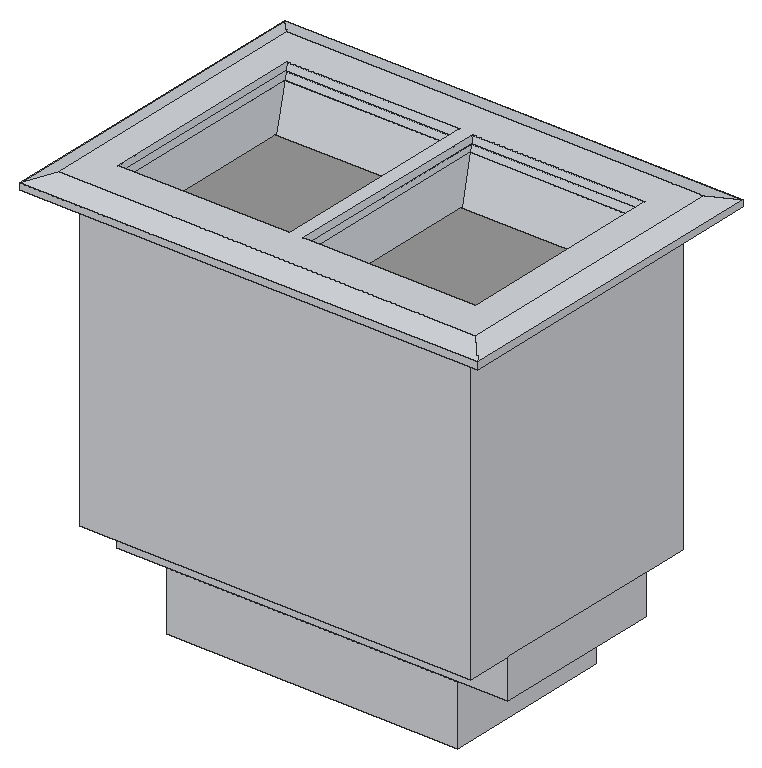
Revit family "2061375 Sylvania Lighting Fixture DOMINO 2xLED 930 BLACK MB TRIM BLACK DALI", category Lighting Fixtures, host Face, Revit 2018
Family settings
  Host = Face
  Round Connector Dimension = Use Diameter
  Part Type = Normal
  OmniClass Number = 23.80.70.00
  OmniClass Title = Lighting
  Cut with Voids When Loaded = No
  Light Source = Yes
  Shared = No
  Room Calculation Point = No
Parameters (values of type "2061375 DOMINO 2XLED 930 BLACK MB TR BLK DALI")
  top top length = 44 mm
  Width = 50 mm
  Weight = "n/a"
  Wattage Comments = ""
  Wattage = 9.2903 W
  WarrantyStartDate [instance] = "n/a"
  WarrantyGuarantorParts = "n/a"
  WarrantyDurationUnit = "n/a"
  WarrantyDurationParts = ""
  WarrantyDescription = "http://www.sylvania-lighting.com"
  built-in parameter 1150110 = 1 (stored number, unit not read)
  Voltage = 0 V
  URL = "0.96"
  TypeName = "DOMINO 2xLED 930 BLACK MB TRIM BLACK DALI"
  Type Image = <None>
  Type Comments = "n/a"
  built-in parameter 1114217 = 1 (stored number, unit not read)
  Top Width = 26 mm
  Tilt Angle = 90.00°
  built-in parameter 1150109 = 1 (stored number, unit not read)
  built-in parameter 1150134 = 3
  built-in parameter 1150113 = 1 (stored number, unit not read)
  SerialNumber [instance] = "n/a"
  Recessed Width = 43 mm
  Recessed Length = 63 mm
  Photometric Web File = "2061375.ies"
  Material_3_FEILO = none
  PowerFactor = 0
  PowerConsumption = "Lighting"
  NominalLength = 50 mm
  NominalHeight = 0 mm
  NominalDepth = 0 mm
  Name = "DOMINO 2xLED 930 BLACK MB TRIM BLACK DALI"
  ModelReference = Name  # "DOMINO 2xLED 930 BLACK MB TRIM BLACK DALI"
  ModelNumber = "2061375"
  Model = Name  # "DOMINO 2xLED 930 BLACK MB TRIM BLACK DALI"
  Material = "Feilo Sylvania"
  ManufacturerName = "54 lm/W"
  Manufacturer = ""
  LuminousEfficacy = ""
  built-in parameter 1150105 = 109.82 (stored number, unit not read)
  Lumens = 1380 lm
  LuminaireType = "0"
  built-in parameter 1150115 = 1 (stored number, unit not read)
  LightOutputRatio = "LED"
  built-in parameter 1150137 = (empty or 0)
  built-in parameter 1150139 = (empty or 0)
  Lens Width = 32 mm
  Lens = Glass, White, High Luminance
  Length = 69 mm
  LampsType = Lamp  # "n/a"
  LampNominalLuminous = "3000 K"
  LampMacAdamStep = "90"
  LampColourTemperature = "LED"
  LampColourRenderingIndex = "16500"
  built-in parameter 1150112 = 1 (stored number, unit not read)
  built-in parameter 1150114 = 1 (stored number, unit not read)
  Lamp = "n/a"
  Keynote = "n/a"
  InstallationDate [instance] = "n/a"
  InputVoltage = "0"
  InputNominalFrequency = "3000"
  built-in parameter 1150132 = (empty or 0)
  built-in parameter 1150102 = (empty or 0)
  built-in parameter 1150107 = 3200 (stored number, unit not read)
  built-in parameter 1150138 = (empty or 0)
  IngressProtection = "IfcLightFixtureType"
  ImpactProtectionIndex = "IfcLightFixtureType"
  built-in parameter 1150106 = 1.0982 (stored number, unit not read)
  IfcExportType = "IfcLightFixtureType"
  IfcExportAs = "Class II"
  Facia internal width = 37 mm
  Facia internal length = 56 mm
  Facia Height = 2 mm
  ExpectedLife = 50000
  Emit from Circle Diameter = 609.6 mm
  Emit Shape Visible in Rendering = no
  ElectricShockClassification = "54"
  built-in parameter 1150104 = 13.8 (stored number, unit not read)
  DurationUnit = "hours"
  DocumentationLiterature = "http://www.sylvania-lighting.com/product/en-int/products/2061375"
  DimmingControlOptions = "n/a"
  Material_2_FEILO = none
  Dimming Lamp Color Temperature Shift = <None>
  Description = "Modular LED recessed linear spotlight, ideal for retail and hospitality applications. Die-cast aluminium body, passive cooling. Two levels of reflector installation, low glaring UGR<16. 2x LED source, 30° beam angle , optics: PMMA lens and polycarbonate reflector combination, Black matt reflector finish. Light color temperature: 3000K warm white, total system power: 6W , total fixture lumen output: 320lm, efficacy: 54 lm/W, Ra90 typical, LED chromacity: 3 step MacAdam ellipse (SDCM3), lifespan: 96,000 hours at 90% of the original output (L90B10), IR/UV free light source without heat radiation, operating voltage: 220-240V / 50-60Hz, electronic driver, ultra low flicker, DALI , electrical protection: Class II. Degree of Protection: IP40/IP20, suitable for indoor environment only. Ceiling cut-out: 43x43mm, outer dimensions:  70x50mm trim frame RAL 9005 - Jet black color.5 years Warranty."
  Default Elevation = 1219.2 mm
  CreatedOn = "10/02/2021"
  CreatedBy = "harvey.smart@sylvania-lighting.com"
  Cost = 0
  Color Filter = 16777215
  built-in parameter 1114216 [instance] = (empty or 0)
  ClassificationValue = "EF_70_80"
  ClassificationName = "Uniclass2015"
  Material_1_FEILO = none
  Body Width = 40 mm
  Body Length = 59 mm
  BarCode [instance] = "n/a"
  built-in parameter 1114218 = 1 (stored number, unit not read)
  built-in parameter 1150133 = 10 (stored number, unit not read)
  AssetType = "Fixed"
  AssetIdentifier [instance] = "n/a"
  Assembly Code = "D5020200"
  Apparent Load = 6 VA
  Material_4_FEILO = none
Reference planes
  plane 1 "Center (Front/Back)": y = 0
  plane 2: z = 0
  plane 3 "Center (Left/Right)": x = 0
  plane 4: z = 0
  plane 5: z = -7
  plane 6: z = -45.895
  plane 7: z = -51.895
  plane 8: z = -60.895
  plane 9: x = -31.5
  plane 10: x = 31.5
  plane 11: y = 21.5
  plane 12: y = -21.5
  plane 13: x = -34.5
  plane 14: x = 34.5
  plane 15: y = 25
  plane 16: y = -25
  plane 17: x = 28
  plane 18: x = -28
  plane 19: y = 18.5
  plane 20: y = -18.5
  plane 21: z = 2
  plane 22: x = -29.5
  plane 23: x = 29.5
  plane 24: y = 20
  plane 25: y = -20
  plane 26: y = 13
  plane 27: y = -13
  plane 28: x = 22
  plane 29: y = 16
  plane 30: y = -16
  plane 31: x = -27
  plane 32: x = -1
  plane 33: x = -26
  plane 34: x = -2
  plane 35: y = 12.5
  plane 36: y = -12.5
  plane 37: x = 27
  plane 38: x = 1
  plane 39: x = 2
  plane 40: x = 26.026
Forms (mm)
  Extrusion 1, solid, not visible, detail levels medium+fine
    sketch origin (4.2, 0, 0) x (1, 0, 0) y (0, 1, 0)
      loop
        line (-29.2, 34.5) -> (-29.2, -34.5) -> (20.8, -34.5) -> (20.8, 34.5) -> (-29.2, 34.5)
    from 0 to 1
  Extrusion 2, solid, not visible, detail levels medium+fine
    sketch origin (4.044, 0, 0) x (1, 0, 0) y (0, 1, 0)
      loop
        line (-29.2, 34.5) -> (-29.2, -34.5) -> (20.8, -34.5) -> (20.8, 34.5) -> (-29.2, 34.5)
    from 0 to 1
  Blend 3, solid, not visible, detail levels medium+fine
    base sketch origin (4.2, 0, 0) x (1, 0, 0) y (0, 1, 0)
      loop
        line (-29.2, 34.5) -> (-29.2, -34.5) -> (20.8, -34.5) -> (20.8, 34.5) -> (-29.2, 34.5)
    top sketch origin (4.2, 0, 0) x (1, 0, 0) y (0, 1, 0)
      loop
        line (-21.7, 28) -> (-21.7, -28) -> (13.3, -28) -> (13.3, 28) -> (-21.7, 28)
    from 1 to 3
  Extrusion 4, solid, not visible, detail levels medium+fine
    sketch origin (3.419, 0, 0) x (1, 0, 0) y (0, 1, 0)
      loop
        line (-29.2, 34.5) -> (-29.2, -34.5) -> (20.8, -34.5) -> (20.8, 34.5) -> (-29.2, 34.5)
    from 0 to 1
  Blend 5, solid, not visible, detail levels medium+fine
    base sketch origin (3.575, 0, 0) x (1, 0, 0) y (0, 1, 0)
      loop
        line (-29.2, 34.5) -> (-29.2, -34.5) -> (20.8, -34.5) -> (20.8, 34.5) -> (-29.2, 34.5)
    top sketch origin (3.575, 0, 0) x (1, 0, 0) y (0, 1, 0)
      loop
        line (-21.7, 28) -> (-21.7, -28) -> (13.3, -28) -> (13.3, 28) -> (-21.7, 28)
    from 1 to 3
  Extrusion 6, solid, not visible, detail levels medium+fine
    sketch origin (4.247, 0, 0) x (1, 0, 0) y (0, 1, 0)
      loop
        line (-29.2, 34.5) -> (-29.2, -34.5) -> (20.8, -34.5) -> (20.8, 34.5) -> (-29.2, 34.5)
    from 0 to 1
  Blend 7, solid, not visible, detail levels medium+fine
    base sketch origin (4.403, 0, 0) x (1, 0, 0) y (0, 1, 0)
      loop
        line (-29.2, 34.5) -> (-29.2, -34.5) -> (20.8, -34.5) -> (20.8, 34.5) -> (-29.2, 34.5)
    top sketch origin (4.403, 0, 0) x (1, 0, 0) y (0, 1, 0)
      loop
        line (-21.7, 28) -> (-21.7, -28) -> (13.3, -28) -> (13.3, 28) -> (-21.7, 28)
    from 1 to 3
  Extrusion 8, void, detail levels medium+fine
    sketch origin (4.2, 0, 0) x (0, 1, 0) y (1, 0, 0)
      loop
        line (21.5, -35.7) -> (21.5, 27.3) -> (-21.5, 27.3) -> (-21.5, -35.7) -> (21.5, -35.7)
    from -9.934 to 83.097
  Extrusion 9, solid, detail levels medium+fine
    sketch origin (4.2, 0, 0) x (1, 0, 0) y (0, 1, 0)
      loop
        line (-38.7, 25) -> (-38.7, -25) -> (30.3, -25) -> (30.3, 25) -> (-38.7, 25)
    from 0 to 1
  Blend 10, solid, detail levels medium+fine
    base sketch origin (4.2, 0, 0) x (1, 0, 0) y (0, 1, 0)
      loop
        line (-38.7, 25) -> (-38.7, -25) -> (30.3, -25) -> (30.3, 25) -> (-38.7, 25)
    top sketch origin (4.2, 0, 0) x (1, 0, 0) y (0, 1, 0)
      loop
        line (-35.7, 21.5) -> (-35.7, -21.5) -> (27.3, -21.5) -> (27.3, 21.5) -> (-35.7, 21.5)
    from 1 to 2
  Extrusion 11, solid, detail levels medium+fine
    sketch origin (4.2, 0, 0) x (1, 0, 0) y (0, 1, 0)
      loop
        line (-33.7, 20) -> (-33.7, -20) -> (25.3, -20) -> (25.3, 20) -> (-33.7, 20)
    from 0 to -45.895
  Extrusion 12, solid, detail levels medium+fine
    sketch origin (4.2, 0, 0) x (1, 0, 0) y (0, 1, 0)
      loop
        line (-33.7, 13) -> (-33.7, -13) -> (25.3, -13) -> (25.3, 13) -> (-33.7, 13)
    from -51.895 to -45.895
  Extrusion 13, solid, detail levels fine
    sketch origin (4.2, 0, 0) x (1, 0, 0) y (0, 1, 0)
      loop
        line (-26.2, 13) -> (-26.2, -13) -> (17.8, -13) -> (17.8, 13) -> (-26.2, 13)
    from -60.895 to -51.895
  Blend 14, void, detail levels medium+fine
    base sketch origin (4.2, 0, 0) x (0, 1, 0) y (-1, 0, 0)
      loop
        line (16, 31.2) -> (-16, 31.2) -> (-16, 5.2) -> (16, 5.2) -> (16, 31.2)
    top sketch origin (4.2, 0, 0) x (0, 1, 0) y (-1, 0, 0)
      loop
        line (12.5, 30.2) -> (-12.5, 30.2) -> (-12.5, 6.2) -> (12.5, 6.2) -> (12.5, 30.2)
    from 2 to -7
  Blend 15, void, detail levels medium+fine
    base sketch origin (4.2, 0, 0) x (0, 1, 0) y (-1, 0, 0)
      loop
        line (16, 3.2) -> (-16, 3.2) -> (-16, -22.8) -> (16, -22.8) -> (16, 3.2)
    top sketch origin (4.2, 0, 0) x (0, 1, 0) y (-1, 0, 0)
      loop
        line (12.5, 2.2) -> (-12.5, 2.2) -> (-12.5, -21.826) -> (12.5, -21.826) -> (12.5, 2.2)
    from 2 to -7
  Extrusion 16, solid, material "Glass, White, High Luminance" <- "Lens", detail levels fine
    sketch origin (0, 1219.2, 38) x (1, 0, 0) y (0, 1, 0)
      loop
        line (-26, -1206.7) -> (-26, -1231.7) -> (-2, -1231.7) -> (-2, -1206.7) -> (-26, -1206.7)
    from -45 to -44
  Extrusion 17, solid, material "Glass, White, High Luminance" <- "Lens", detail levels fine
    sketch origin (4.2, 0, 0) x (1, 0, 0) y (0, 1, 0)
      loop
        line (-2.2, 12.5) -> (-2.2, -12.5) -> (21.826, -12.5) -> (21.826, 12.5) -> (-2.2, 12.5)
    from -7 to -6
  Extrusion 18, solid, detail levels coarse
    sketch origin (0, 1219.2, 38) x (1, 0, 0) y (0, 1, 0)
      loop
        line (34.5, -1194.2) -> (-34.5, -1194.2) -> (-34.5, -1244.2) -> (34.5, -1244.2) -> (34.5, -1194.2)
    from -36 to -98.895
Cuts and joins
  Blend 14, Blend 15 cuts Extrusion 9
  Blend 14, Blend 15 cuts Blend 10
  Blend 14, Blend 15 cuts Extrusion 11
Dimensions and locks
  "Recessed Length": plane 9 to plane 10
  equal spacing: plane 9, plane 3 "Center (Left/Right)", plane 10
  "Length": plane 13 to plane 14
  equal spacing: plane 13, plane 3 "Center (Left/Right)", plane 14
  "Recessed Width": plane 11 to plane 12
  equal spacing: plane 11, plane 1 "Center (Front/Back)", plane 12
  "Width": plane 15 to plane 16
  equal spacing: plane 15, plane 1 "Center (Front/Back)", plane 16
  "Facia internal length": plane 18 to plane 17
  equal spacing: plane 18, plane 3 "Center (Left/Right)", plane 17
  "Facia internal width": plane 19 to plane 20
  equal spacing: plane 19, plane 1 "Center (Front/Back)", plane 20
  "Facia Height": plane 21 to host face
  "Body Length": plane 22 to plane 23
  equal spacing: plane 22, plane 3 "Center (Left/Right)", plane 23
  "Body Width": plane 24 to plane 25
  equal spacing: plane 24, plane 1 "Center (Front/Back)", plane 25
  "Top Width": plane 26 to plane 27
  equal spacing: plane 26, plane 1 "Center (Front/Back)", plane 27
  plane 3 "Center (Left/Right)" to plane 28 = 22 mm
  "Lens Width": plane 29 to plane 30
  equal spacing: plane 29, plane 1 "Center (Front/Back)", plane 30
  aligned and locked: plane 2 to host face
  aligned and locked: level to host face
  aligned and locked: plane 21 to Blend 10
  aligned and locked: Extrusion 9 to Blend 10
  aligned and locked: plane 7 to Extrusion 13
  aligned and locked: Extrusion 12 to plane 7
  aligned and locked: Extrusion 11 to plane 6
  aligned and locked: Blend 14 to plane 5
  aligned and locked: plane 21 to Blend 14
  aligned and locked: Blend 15 to plane 5
  aligned and locked: plane 21 to Blend 15
Automatic sketch dimensions
  host sketch curve to host sketch curve = 2438.4 mm  (x2)
  Extrusion 1 sketch curve to Extrusion 1 sketch curve = 50 mm
  Extrusion 1 sketch curve to Extrusion 1 sketch curve = 69 mm
  Extrusion 2 sketch curve to Extrusion 2 sketch curve = 50 mm
  Extrusion 2 sketch curve to Extrusion 2 sketch curve = 69 mm
  Blend 3 sketch curve to Blend 3 sketch curve = 50 mm
  Blend 3 sketch curve to Blend 3 sketch curve = 69 mm
  Blend 3 sketch curve to Blend 3 sketch curve = 35 mm
  Blend 3 sketch curve to Blend 3 sketch curve = 56 mm
  Extrusion 4 sketch curve to Extrusion 4 sketch curve = 50 mm
  Extrusion 4 sketch curve to Extrusion 4 sketch curve = 69 mm
  Blend 5 sketch curve to Blend 5 sketch curve = 50 mm
  Blend 5 sketch curve to Blend 5 sketch curve = 69 mm
  Blend 5 sketch curve to Blend 5 sketch curve = 35 mm
  Blend 5 sketch curve to Blend 5 sketch curve = 56 mm
  Extrusion 6 sketch curve to Extrusion 6 sketch curve = 50 mm
  Extrusion 6 sketch curve to Extrusion 6 sketch curve = 69 mm
  Blend 7 sketch curve to Blend 7 sketch curve = 50 mm
  Blend 7 sketch curve to Blend 7 sketch curve = 69 mm
  Blend 7 sketch curve to Blend 7 sketch curve = 35 mm
  Blend 7 sketch curve to Blend 7 sketch curve = 56 mm
  Extrusion 8 sketch curve to plane 9 = 0 mm
  Extrusion 8 sketch curve to plane 12 = 0 mm
  Extrusion 8 sketch curve to plane 11 = 0 mm
  Extrusion 8 sketch curve to plane 10 = 0 mm
  Extrusion 9 sketch curve to plane 13 = 0 mm
  Extrusion 9 sketch curve to plane 14 = 0 mm
  Extrusion 9 sketch curve to plane 16 = 0 mm
  Extrusion 9 sketch curve to plane 15 = 0 mm
  Blend 10 sketch curve to plane 13 = 0 mm
  Blend 10 sketch curve to plane 14 = 0 mm
  Blend 10 sketch curve to plane 16 = 0 mm
  Blend 10 sketch curve to plane 15 = 0 mm
  Blend 10 sketch curve to plane 9 = 0 mm
  Blend 10 sketch curve to plane 10 = 0 mm
  Blend 10 sketch curve to plane 12 = 0 mm
  Blend 10 sketch curve to plane 11 = 0 mm
  Extrusion 11 sketch curve to plane 22 = 0 mm
  Extrusion 11 sketch curve to plane 23 = 0 mm
  Extrusion 11 sketch curve to plane 25 = 0 mm
  Extrusion 11 sketch curve to plane 24 = 0 mm
  Extrusion 12 sketch curve to plane 22 = 0 mm
  Extrusion 12 sketch curve to plane 23 = 0 mm
  Extrusion 12 sketch curve to plane 27 = 0 mm
  Extrusion 12 sketch curve to plane 26 = 0 mm
  Extrusion 13 sketch curve to plane 27 = 0 mm
  Extrusion 13 sketch curve to plane 28 = 0 mm
  Extrusion 13 sketch curve to plane 26 = 0 mm
  plane 18 to Extrusion 13 sketch curve = 6 mm
  Blend 14 sketch curve to plane 30 = 0 mm
  Blend 14 sketch curve to plane 29 = 0 mm
  Blend 14 sketch curve to plane 32 = 0 mm
  Blend 14 sketch curve to plane 31 = 0 mm
  Blend 14 sketch curve to plane 33 = 0 mm
  Blend 14 sketch curve to plane 36 = 0 mm
  Blend 14 sketch curve to plane 35 = 0 mm
  Blend 14 sketch curve to plane 34 = 0 mm
  Blend 15 sketch curve to plane 30 = 0 mm
  Blend 15 sketch curve to plane 29 = 0 mm
  Blend 15 sketch curve to plane 37 = 0 mm
  Blend 15 sketch curve to plane 38 = 0 mm
  Blend 15 sketch curve to plane 36 = 0 mm
  Blend 15 sketch curve to plane 35 = 0 mm
  Blend 15 sketch curve to plane 40 = 0 mm
  Blend 15 sketch curve to plane 39 = 0 mm
  plane 31 to Extrusion 16 sketch curve = 1 mm
  Extrusion 16 sketch curve to plane 11 = 9 mm
  Extrusion 16 sketch curve to plane 34 = 0 mm
  plane 1 "Center (Front/Back)" to Extrusion 16 sketch curve = 12.5 mm
  Extrusion 17 sketch curve to plane 36 = 0 mm
  Extrusion 17 sketch curve to plane 39 = 0 mm
  Extrusion 17 sketch curve to plane 40 = 0 mm
  Extrusion 17 sketch curve to plane 35 = 0 mm
  Extrusion 18 sketch curve to plane 33 = 8.5 mm
  plane 14 to Extrusion 18 sketch curve = 0 mm
  plane 16 to Extrusion 18 sketch curve = 50 mm
  Extrusion 18 sketch curve to plane 36 = 12.5 mm
